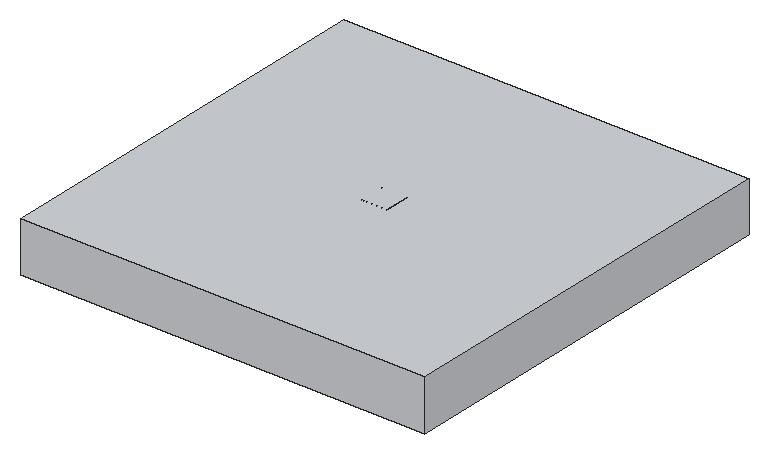
Revit family "M_Difusor de fornecimento - Quadrado - Hospedado", category Terminais de ar, Revit 2019
Family settings
  Hospedeiro = Face
  Cota do conector redondo = Utilizar diâmetro
  Tipo de parte = Normal
  Número OmniClass = 23.75.70.21.27.11
  Título OmniClass = Diffusers, Registers, and Grilles
  ID de item do Seek = Supply Diffuser - Square - Hosted-0000-USA-ENU
  Corte com vazios quando carregada = Não
  Compartilhado = Não
  Ponto de cálculo do ambiente = Não
Parameters (values of type "150 x 150")
  Fluxo [instance] = 83.0 L/s
  Queda de pressão [instance] = 12.0 Pa
  Altura do duto [instance] = Largura do duto  # 150 mm
  Largura do difusor = 150 mm
  Largura do duto [instance] = 150 mm
  NC = "15"
  Largura do meio duto [instance] = Largura do duto / 2  # 75 mm
  Altura do difusor = Largura do difusor  # 150 mm
  Elevação-padrão = 1200 mm
Types (11, lengths in mm): name | Largura do difusor | Altura do difusor
  (no name) | 150 | 150
  250 x 250 | 254 | 254
  300 x 300 | 300 | 300
  350 x 350 | 350 | 350
  400 x 400 | 400 | 400
  450 x 450 | 500 | 500
  500 x 500 | 500 | 500
  600 x 600 | 600 | 600
  150 x 150 | 150 | 150
  200 x 200 | 200 | 200
  550 x 550 | 550 | 550
Reference planes
  plane 1 "Centro (Frente/Trás)": y = 0
  plane 2: z = 0
  plane 3 "Centro (Esquerda/Direita)": x = 0
  plane 4: x = 75
  plane 5: x = -75
  plane 6: y = 75
  plane 7: y = -75
  plane 8: x = 75
  plane 9: x = -75
  plane 10: y = 75
  plane 11: y = -75
  plane 12: z = -33.338
  plane 13: z = -16.404
Forms (mm)
  Extrusion 1, solid
    sketch origin (0, 0, 0) x (1, 0, 0) y (0, 1, 0)
      loop
        line (-1218, 1219.2) -> (-1218, -1219.2) -> (1218, -1219.2) -> (1218, 1219.2) -> (-1218, 1219.2)
    from 0 to -304.8
  Extrusion 2, solid
    sketch origin (0, 0, 0) x (1, 0, 0) y (0, 1, 0)
      loop
        line (-75, 75) -> (-75, -75) -> (75, -75) -> (75, 75) -> (-75, 75)
    from -33.338 to -16.404
  Blend 3, solid
    base sketch origin (0, 0, 0) x (1, 0, 0) y (0, 1, 0)
      loop
        line (-75, 75) -> (-75, -75) -> (75, -75) -> (75, 75) -> (-75, 75)
    top sketch origin (0, 0, 0) x (1, 0, 0) y (0, 1, 0)
      loop
        line (-75, 75) -> (-75, -75) -> (75, -75) -> (75, 75) -> (-75, 75)
    from 0 to -16.404
Lines and regions (mm)
  symbolic lines
    curve 1: line (-75, 75, 0) -> (75, -75, 0)
    curve 2: line (75, 75, 0) -> (-75, -75, 0)
  symbolic lines, detail levels fine
    curve 3: line (-75, 75, 0) -> (75, 75, 0)
    curve 4: line (-75, -75, 0) -> (-75, 75, 0)
    curve 5: line (75, -75, 0) -> (-75, -75, 0)
    curve 6: line (75, 75, 0) -> (75, -75, 0)
Dimensions and locks
  "Largura do duto": plane 5 to plane 4
  equal spacing: plane 7, plane 1 "Centro (Frente/Trás)", plane 6
  "Largura do duto": plane 7 to plane 6
  equal spacing: plane 9, plane 3 "Centro (Esquerda/Direita)", plane 8
  "Largura do difusor": plane 9 to plane 8
  equal spacing: plane 11, plane 1 "Centro (Frente/Trás)", plane 10
  "Largura do difusor": plane 11 to plane 10
  locked: plane 12 to plane 2 at 33.337
  locked: plane 13 to plane 12 at 16.933
  "Largura do meio duto": plane 5 to plane 3 "Centro (Esquerda/Direita)"
  "Largura do meio duto": plane 3 "Centro (Esquerda/Direita)" to plane 4
  aligned and locked: plane 2 to Extrusion 1
  aligned and locked: level to Extrusion 1
  aligned and locked: plane 6 to Extrusion 2 sketch curve
  aligned and locked: Extrusion 2 sketch curve to plane 5
  aligned and locked: plane 7 to Extrusion 2 sketch curve
  aligned and locked: Extrusion 2 sketch curve to plane 4
  aligned and locked: Extrusion 2 to plane 12
  aligned and locked: plane 13 to Extrusion 2
  aligned and locked: plane 10 to Blend 3 sketch curve
  aligned and locked: Blend 3 sketch curve to plane 9
  aligned and locked: plane 11 to Blend 3 sketch curve
  aligned and locked: Blend 3 sketch curve to plane 8
  aligned and locked: Blend 3 sketch curve to plane 5
  aligned and locked: plane 7 to Blend 3 sketch curve
  aligned and locked: Blend 3 sketch curve to plane 4
  aligned and locked: plane 6 to Blend 3 sketch curve
  aligned and locked: Blend 3 to plane 2
  aligned and locked: Blend 3 to plane 13
  aligned and locked: plane 11 to curve 2
  aligned and locked: plane 9 to curve 2
  aligned and locked: plane 10 to curve 1
  aligned and locked: plane 9 to curve 1
  aligned and locked: plane 8 to curve 2
  aligned and locked: plane 10 to curve 2
  aligned and locked: plane 11 to curve 1
  aligned and locked: plane 8 to curve 1
Automatic sketch dimensions
  Extrusion 1 sketch curve to Extrusion 1 sketch curve = 2436 mm
  Extrusion 1 sketch curve to Extrusion 1 sketch curve = 2438.4 mm
Connectors
  hvac at (0, 0, -33.338), driven by "Queda de pressão", driven by "Fluxo", driven by "Largura do duto", driven by "Largura do duto"
    settings: on Extrusion 2, index 1, duct flow 83.0 L/s, flow factor 0, pres drop 12.0 Pa, loss coef 0, conn angle 0.00°, conn width 150 mm, conn height 150 mm, conn diameter 600 mm, duct sys type 1, conn prof type 1, flow config 1, flow direction 1, loss method 4, conn ref index -1, conn util no, is conn primary yes, conn desc ""
